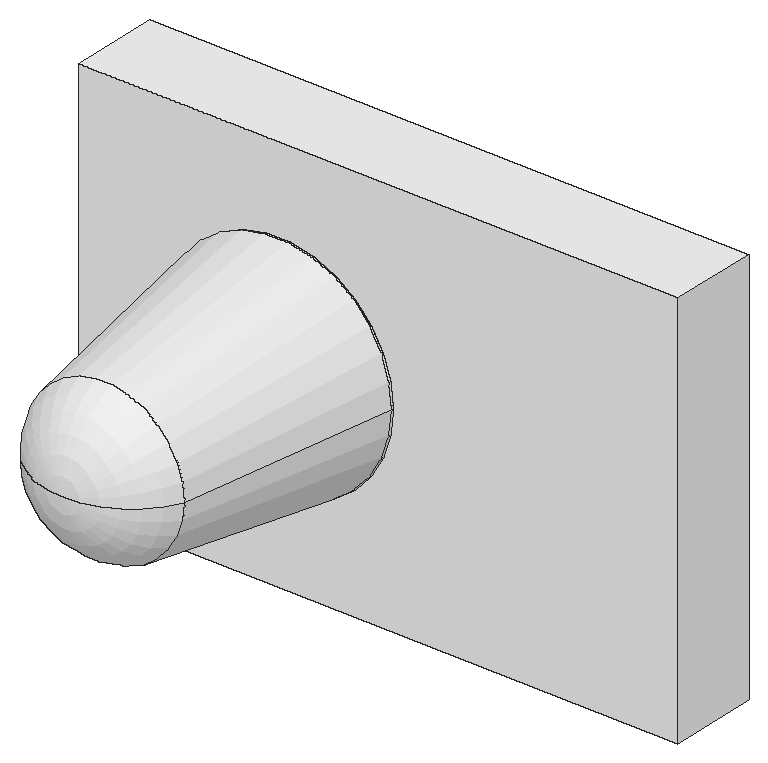
Revit family "ToothbrushHolder-Vitra-İstanbulSeries-A48017", category Plumbing Fixtures, host Face, Revit 2017
Family settings
  Host = Face
  Round Connector Dimension = Use Diameter
  Part Type = Normal
  OmniClass Number = 23.45.00.00
  OmniClass Title = Sanitary, Laundry, and Cleaning Equipment
  Cut with Voids When Loaded = No
  Shared = Yes
  Room Calculation Point = No
Parameters (values of type "ToothBrushHolder-Vitra-İstanbulSeries(Chrome)-A48017")
  Youtube = "https://www.youtube.com/user/VitrAglobal"
  Weight Net (kg) = "1.035"
  Waste Connection = no
  Warranty Period (Year) = "5 Years"
  Vent Connection = no
  Uniformat II Description = "FURNISHINGS"
  Uniformat II Code = "E20"
  Uniclass 2015 Name = "Toothbrush holders"
  Uniclass 2015 Code = "Pr_40_20_76_89"
  Uniclass 2.0 Description = "Toothbrush Holders"
  Uniclass 2.0 Code = "PR-35-75-89"
  Uniclass 1.4 Description = "Bathroom, toilet furniture and fittings"
  Uniclass 1.4 Code = "L824"
  URL = "https://vitraglobal.com/"
  UNSPSC Description = "Furniture and Furnishings"
  UNSPSC Code = ""
  Technical description = "https://www.vitraglobal.com/pdf/A48017/"
  Tap hole Options (default) = ""
  Specification = ""
  Region South America = "All"
  Region Oceania = "All"
  Region North America = "All"
  Region Middle East = "All"
  Region Europe = "All"
  Region Asia = "All"
  Region Antarctica = "All"
  Region Africa = "All"
  Product url = ""
  Product manual = ""
  Product group = "Toothbrush Holder"
  Product family = "İstanbulSeries"
  Product data url = "https://www.vitraglobal.com/bathroom-accessories/soap-toothbrush-holders/toothbrush-holders/istanbul-toothbrush-holder-sku-A48017/"
  Product certification = "https://www.vitraglobal.com/brochures/"
  Product Type = "Built-in Toothbrush Holder"
  Product SKU = "A48017"
  Product Properties = ""
  Product Guid = ""
  Primary Material = White
  OmniClass Description = "Toilet and Bath Specialties"
  OmniClass Code = "23-31 25 00"
  Nominal Width (mm) = 135 mm
  Nominal Height (mm) = 85 mm
  Nominal Depth (mm) = 90.031 mm
  NBS Referans Description = "Toothbrush Holders"
  NBS Referans Code = "35-75-89"
  Mounting type = "Wall Mounted"
  Model = "A48017"
  Masterformat 2014 Description = "Bath Accessories"
  Masterformat 2014 Code = "10 28 16"
  Manufacturer name = "Vitra"
  Manufacturer = "Vitra"
  Main Material = ""
  Installation instructions = ""
  IFC Classification = "Sanitary Terminal"
  Help = ""
  HW Connection = no
  GTIP code = ""
  Features = ""
  EAN code = ""
  Design country = "Turkey"
  Description = "İstanbul Toothbrush Holder"
  Default Elevation = 1200 mm
  Color = "Chrome"
  Coating Material = Chrome
  Calculated flow = ""
  CW Connection = no
  COBIe Type Category = ""
  Brand = "VitrA"
  BIMobject category = "Sanitary - Accessories"
  Article No. (default) = "A48017"
  Approvals = ""
  ApplicationType = ""
  Accessories (default) = ""
Types (11, lengths in mm): name | Technical description | Product data url | Product SKU | Model | Color | Coating Material | Article No. (default)
  ToothBrushHolder-Vitra-İstanbulSeries(White)-A4801799EXP | "https://www.vitraglobal.com/faucets-shower-systems-accessories/accessories/toothbrush-holder/istanbul-toothbrush-holder-sku-a48017exp/print" | "https://www.vitraglobal.com/faucets-shower-systems-accessories/accessories/toothbrush-holder/istanbul-toothbrush-holder-sku-a48017exp" | "A4801799EXP" | "A4801799EXP" | "White" | White | "A4801799EXP"
  ToothBrushHolder-Vitra-İstanbulSeries(White)-A4801799 | "https://www.vitraglobal.com/faucets-shower-systems-accessories/accessories/toothbrush-holder/istanbul-toothbrush-holder-sku-a48017exp/print" | "https://www.vitraglobal.com/faucets-shower-systems-accessories/accessories/toothbrush-holder/istanbul-toothbrush-holder-sku-a48017exp" | "A4801799" | "A4801799" | "White" | White | "A4801799"
  ToothBrushHolder-Vitra-İstanbulSeries(Black)-A4801792EXP | "https://www.vitraglobal.com/faucets-shower-systems-accessories/accessories/toothbrush-holder/istanbul-toothbrush-holder-sku-a48017exp/print" | "https://www.vitraglobal.com/faucets-shower-systems-accessories/accessories/toothbrush-holder/istanbul-toothbrush-holder-sku-a48017exp" | "A4801792EXP" | "A4801792EXP" | "Black" | Black | "A4801792EXP"
  ToothBrushHolder-Vitra-İstanbulSeries(Black)-A4801792 | "https://www.vitraglobal.com/faucets-shower-systems-accessories/accessories/toothbrush-holder/istanbul-toothbrush-holder-sku-a48017exp/print" | "https://www.vitraglobal.com/faucets-shower-systems-accessories/accessories/toothbrush-holder/istanbul-toothbrush-holder-sku-a48017exp" | "A4801792" | "A4801792" | "Black" | Black | "A4801792"
  ToothBrushHolder-Vitra-İstanbulSeries(Chrome)-A48017VUK | "https://www.vitra.co.uk/pdf/A48017EXP/" | "https://www.vitra.co.uk/bathroom-accessories/soap-toothbrush-holders/toothbrush-holders/istanbul-toothbrush-holder-sku-A48017EXP/" | "A48017VUK" | "A48017VUK" | "Chrome" | Chrome | "A48017VUK"
  ToothBrushHolder-Vitra-İstanbulSeries(Chrome)-A48017IND | "https://www.vitraglobal.com/faucets-shower-systems-accessories/accessories/toothbrush-holder/istanbul-toothbrush-holder-sku-a48017exp/print" | "https://www.vitraglobal.com/faucets-shower-systems-accessories/accessories/toothbrush-holder/istanbul-toothbrush-holder-sku-a48017exp" | "A48017IND" | "A48017IND" | "Chrome" | Chrome | "A48017IND"
  ToothBrushHolder-Vitra-İstanbulSeries(Chrome)-A48017EXP | "https://www.vitraglobal.com/pdf/A48017EXP/" | "https://www.vitraglobal.com/bathroom-accessories/soap-toothbrush-holders/toothbrush-holders/istanbul-toothbrush-holder-sku-A48017EXP/" | "A48017EXP" | "A48017EXP" | "Chrome" | Chrome | "A48017EXP"
  ToothBrushHolder-Vitra-İstanbulSeries(Gold)-A4801723VUK | "https://www.vitra.co.uk/pdf/A48017EXP/" | "https://www.vitra.co.uk/bathroom-accessories/soap-toothbrush-holders/toothbrush-holders/istanbul-toothbrush-holder-sku-A48017EXP/" | "A4801723VUK" | "A4801723VUK" | "Gold" | Gold | "A4801723VUK"
  ToothBrushHolder-Vitra-İstanbulSeries(Gold)-A4801723EXP | "https://www.vitraglobal.com/pdf/A4801723/" | "https://www.vitraglobal.com/bathroom-accessories/soap-toothbrush-holders/toothbrush-holders/istanbul-toothbrush-holder-sku-A4801723/" | "A4801723EXP" | "A4801723EXP" | "Gold" | Gold | "A4801723EXP"
  ToothBrushHolder-Vitra-İstanbulSeries(Gold)-A4801723 | "https://www.vitraglobal.com/pdf/A4801723/" | "https://www.vitraglobal.com/bathroom-accessories/soap-toothbrush-holders/toothbrush-holders/istanbul-toothbrush-holder-sku-A4801723/" | "A4801723" | "A4801723" | "Gold" | Gold | "A4801723"
  ToothBrushHolder-Vitra-İstanbulSeries(Chrome)-A48017 | "https://www.vitraglobal.com/pdf/A48017/" | "https://www.vitraglobal.com/bathroom-accessories/soap-toothbrush-holders/toothbrush-holders/istanbul-toothbrush-holder-sku-A48017/" | "A48017" | "A48017" | "Chrome" | Chrome | "A48017"
Reference planes
  plane 1 "Center (Front/Back)": y = 0
  plane 2: z = 0
  plane 3 "Center (Left/Right)": x = 0
  plane 4: z = 90.031
  plane 5: y = 10.2
  plane 6: y = -74.8
  plane 7: x = 67.5
  plane 8: x = -67.5
Forms (mm)
  Extrusion 1, solid, material "White" <- "Primary Material", detail levels fine
    sketch origin (0, 0, 0) x (1, 0, 0) y (0, 1, 0)
      loop
        line (-67.5, 10.2) -> (-67.5, -9.8) -> (67.5, -9.8) -> (67.5, 10.2) -> (-67.5, 10.2)
    from 0 to 90.031
  Revolve 2, solid, material "Chrome" <- "Coating Material", detail levels fine
    sketch origin (0, 0, 45) x (1, 0, 0) y (0, 1, 0)
      loop
        arc (-6.342, -58.284) -> (-12.861, -65.939) -> (-22.5, -68.8) r 17.671
        line (-22.5, -68.8) -> (-22.5, -70.8)
        arc (-22.5, -70.8) -> (-11.658, -67.542) -> (-4.407, -58.848) r 19.671
        line (-4.407, -58.848) -> (3.328, -10.104) -> (5.032, 1.375) -> (12.945, 5.2) -> (12.945, 10.2)
        arc (12.945, 10.2) -> (6.414, 7.772) -> (3.054, 1.668) r 10
        line (3.054, 1.668) -> (1.351, -9.8) -> (-6.342, -58.284)
      axis (-22.5, -70.8) -> (-22.5, 10.2)
    angle from 0 to 360
  Revolve 3, void
    sketch origin (-22.451, 0, 0) x (0, 1, 0) y (0, 0, 1)
      loop
        line (-10.877, 69.759) -> (-10.877, 45) -> (11.161, 45) -> (11.161, 82.032)
        arc (11.161, 82.032) -> (1.897, 72.744) -> (-10.877, 69.759) r 23.854
      axis (-10.877, 45) -> (11.161, 45)
    angle from 0 to 360
  Extrusion 4, solid, detail levels medium
    sketch origin (0, 0, 0) x (0, 1, 0) y (0, 0, 1)
      loop
        line (-9.8, 90.031) -> (-9.8, 0) -> (10.2, 0) -> (10.2, 90.031) -> (-9.8, 90.031)
    from -67.5 to 67.5
  Revolve 5, solid, detail levels medium
    sketch origin (0, 0, 45) x (1, 0, 0) y (0, 1, 0)
      loop
        line (-3.707, -56.072) -> (12.743, 9.203) -> (-22.57, 9.203) -> (-22.57, -70.797)
        arc (-22.57, -70.797) -> (-10.612, -66.671) -> (-3.707, -56.072) r 19.488
      axis (-22.57, 9.203) -> (-22.57, -70.797)
    angle from 0 to 360
  Extrusion 6, solid, detail levels coarse
    sketch origin (0, 0, 0) x (1, 0, 0) y (0, 1, 0)
      loop
        line (-67.5, 10.2) -> (-67.5, -74.8) -> (67.5, -74.8) -> (67.5, 10.2) -> (-67.5, 10.2)
    from 0 to 90.031
Cuts and joins
  Revolve 3 cuts Extrusion 1
Dimensions and locks
  "Nominal Depth (mm)": plane 4 to host face
  "Nominal Height (mm)": plane 5 to plane 6
  "Nominal Width (mm)": plane 8 to plane 7
  aligned and locked: plane 2 to host face
  aligned and locked: level to host face
Automatic sketch dimensions
  host sketch curve to host sketch curve = 2438.4 mm  (x2)
  Extrusion 1 sketch curve to plane 8 = 0 mm
  Extrusion 1 sketch curve to plane 7 = 0 mm
  Extrusion 1 sketch curve to plane 5 = 0 mm
  plane 1 "Center (Front/Back)" to Extrusion 1 sketch curve = 9.8 mm
  Revolve 2 sketch curve to Revolve 2 sketch curve = 0 mm  (x4)
  Revolve 2 sketch curve to plane 5 = 0 mm
  plane 6 to Revolve 2 sketch curve = 6 mm
  Revolve 2 sketch curve to plane 3 "Center (Left/Right)" = 22.5 mm
  Revolve 2 sketch curve to plane 3 "Center (Left/Right)" = 6.342 mm
  Revolve 2 sketch curve to Revolve 2 sketch curve = 1.936 mm
  plane 3 "Center (Left/Right)" to Revolve 2 sketch curve = 1.351 mm
  Revolve 2 sketch curve to plane 1 "Center (Front/Back)" = 1.668 mm
  plane 3 "Center (Left/Right)" to Revolve 2 sketch curve = 3.054 mm
  Revolve 2 sketch curve to Revolve 2 sketch curve = 1.977 mm
  Revolve 2 sketch curve to plane 1 "Center (Front/Back)" = 1.375 mm
  Revolve 2 sketch curve to Revolve 2 sketch curve = 1.978 mm
  Revolve 2 sketch curve to plane 5 = 5 mm
  Revolve 2 sketch curve to Revolve 2 sketch curve = 7.913 mm
  Revolve 2 sketch curve to Revolve 2 sketch curve = 2 mm
  plane 6 to Revolve 2 sketch curve = 15.952 mm
  plane 1 "Center (Front/Back)" to Revolve 2 sketch curve = 10.104 mm
  Revolve 2 sketch curve to Revolve 2 sketch curve = 0.304 mm
  plane 1 "Center (Front/Back)" to Revolve 2 sketch curve = 15.8 mm
  Revolve 3 sketch curve to plane 1 "Center (Front/Back)" = 0 mm
  plane 4 to Revolve 3 sketch curve = 3.553 mm
  plane 1 "Center (Front/Back)" to Revolve 3 sketch curve = 9.709 mm
  plane 1 "Center (Front/Back)" to Revolve 3 sketch curve = 10.877 mm
  plane 5 to Revolve 3 sketch curve = 0.961 mm
  Revolve 3 sketch curve to plane 4 = 7.999 mm
  Revolve 3 sketch curve to Revolve 3 sketch curve = 24.759 mm
  Revolve 3 sketch curve to Revolve 3 sketch curve = 8.839 mm
  Revolve 3 sketch curve to Revolve 3 sketch curve = 0 mm
  Extrusion 4 sketch curve to level = 0 mm
  Extrusion 4 sketch curve to plane 4 = 0 mm
  Extrusion 4 sketch curve to plane 5 = 0 mm
  plane 1 "Center (Front/Back)" to Extrusion 4 sketch curve = 9.8 mm
  Revolve 5 sketch curve to plane 3 "Center (Left/Right)" = 22.604 mm
  plane 6 to Revolve 5 sketch curve = 4.003 mm
  Revolve 5 sketch curve to Revolve 5 sketch curve = 0.034 mm  (x2)
  Revolve 5 sketch curve to plane 3 "Center (Left/Right)" = 3.707 mm
  Revolve 5 sketch curve to plane 5 = 0.997 mm
  plane 3 "Center (Left/Right)" to Revolve 5 sketch curve = 12.743 mm
  plane 6 to Revolve 5 sketch curve = 18.728 mm
  Revolve 5 sketch curve to Revolve 5 sketch curve = 5.512 mm
  Revolve 5 sketch curve to Revolve 5 sketch curve = 15 mm
  Extrusion 6 sketch curve to plane 6 = 0 mm
  Extrusion 6 sketch curve to plane 8 = 0 mm
  Extrusion 6 sketch curve to plane 7 = 0 mm
  Extrusion 6 sketch curve to plane 5 = 0 mm
